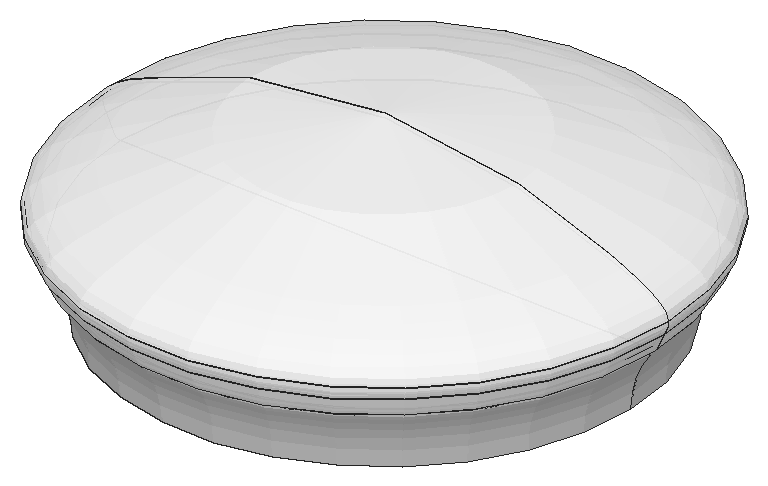
Revit family "0043406", category Lighting Devices, host Face, Revit 2023
Family settings
  Host = Face
  Round Connector Dimension = Use Diameter
  Part Type = Normal
  OmniClass Number = 23.80.70.00
  OmniClass Title = Lighting
  Cut with Voids When Loaded = No
  Maintain Annotation Orientation = No
  Shared = No
  Room Calculation Point = No
Parameters (values of type "START SURFACE IP54 MW 500-2000 830/840")
  Weight = "0.6 kg"
  Wattage Comments = ""
  WarrantyStartDate [instance] = "n/a"
  WarrantyGuarantorParts = "n/a"
  WarrantyDurationUnit = "Years"
  WarrantyDurationParts = "5"
  WarrantyDescription = "http://www.sylvania-group.com"
  Voltage = 230 V
  URL = "http://www.sylvania-group.com"
  TypeName = "START Surface IP54 - 300mm"
  Type Image = <None>
  Type IFC Predefined Type = "IfcLightFixtureType"
  Type Comments = "n/a"
  SerialNumber [instance] = "n/a"
  Material_3_SYL = none
  PowerFactor = 0.8
  PowerConsumption = "17.5 W"
  NominalLength = NominalDepth  # 300 mm
  NominalHeight = if(NominalDepth = 300 mm, 94 mm, 105 mm)  # 94 mm
  NominalDepth = 300 mm
  Name = "START SURFACE IP54 MW 500-2000 830/840"
  ModelReference = Name  # "START SURFACE IP54 MW 500-2000 830/840"
  ModelNumber = "0043406"
  Model = Name  # "START SURFACE IP54 MW 500-2000 830/840"
  Material = "Polycarbonate"
  ManufacturerName = Manufacturer  # "Feilo Sylvania"
  Manufacturer = "Feilo Sylvania"
  LuminousEfficacy = "114 lm/W"
  LuminaireType = "Ceiling / surface mounting"
  LightSettingControl [instance] = if(LightSetting < 1, 1, if(LightSetting > 8, 8, LightSetting))  # 1
  Light8_4000K_17.5W [instance] = (LightSettingControl = 8)  # no
  Light7_4000K_13.5W [instance] = (LightSettingControl = 7)  # no
  Light6_4000K_9.3W [instance] = (LightSettingControl = 6)  # no
  Light5_4000K_6W [instance] = (LightSettingControl = 5)  # no
  Light4_3000K_17.5W [instance] = (LightSettingControl = 4)  # no
  Light3_3000K_13.5W [instance] = (LightSettingControl = 3)  # no
  Light2_3000K_9.3W [instance] = (LightSettingControl = 2)  # no
  Light1_3000K_6W [instance] = (LightSettingControl = 1)  # yes
  LightSetting [instance] = 1
  LightOutputRatio = ""
  LampsType = Lamp  # "LED"
  LampNominalLuminous = "2000 lm"
  LampMacAdamStep = "6"
  LampColourTemperature = "3000/4000K"
  LampColourRenderingIndex = "80"
  Lamp = "LED"
  Keynote = "16500"
  InstallationDate [instance] = "n/a"
  InputVoltage = "220-240 V"
  InputNominalFrequency = "50/60Hz"
  IngressProtection = "IP54"
  ImpactProtectionIndex = "IK03"
  IfcExportType = "IfcLightFixtureType"
  IfcExportAs = "IfcLightFixtureType"
  Export Type to IFC As = "IfcLightFixtureType"
  ElectricShockClassification = "Class II"
  DocumentationLiterature = "https://www.sylvania-lighting.com/product/en-int/products/0043406/"
  DimmingControlOptions = "n/a"
  Material_2_SYL = PMMA Acrylic_Opal_4000K
  DiffuserRadius = if(NominalDepth = 300 mm, 150 mm, 200 mm)  # 150 mm
  Description = "Ceiling / wall luminaire with integrated LED. Perfect solution for hallways, circulation spaces or foyers. Body Size diameter 300mm. Besa mounting box compatible, hole distance 51 & 78mm. DualTone functionality enables switch between 3000K and 4000K colour temperatures. With the help of DIP Switch multiple lumen outputs can be set up in 4 steps (4000K: 6W 500lm, 9.3W 1000lm, 13.5W 1500lm, 17.5W 2000lm). Efficacy up to 114lm/W. Supplied with integrated Microwave sensor for automatic on-off presence control. Non-dimmable. IK03, IP54. Low maintenance with lifespan 120,000 hours L70:B50."
  Default Elevation = 1219.2 mm
  CreatedOn = "27/08/2024"
  CreatedBy = "petra.pavlicz@sylvania-lighting.com"
  Cost = 0
  Coefficient of Utilization [instance] = 0
  ClassificationValue = "EF_70_80"
  ClassificationName = "Uniclass2015"
  Material_1_SYL = PC Polycarbonate_RAL 9003_Signal white
  BottomRadius = if(NominalDepth = 300 mm, 130 mm, 172 mm)  # 130 mm
  BodyRadius = if(NominalDepth = 300 mm, 140 mm, 186 mm)  # 140 mm
  BodyHeight = if(NominalDepth = 300 mm, 30 mm, 39.5 mm)  # 30 mm
  BarCode [instance] = "n/a"
  AssetType = "Fixed"
  AssetIdentifier [instance] = "n/a"
  Assembly Code = "D5020200"
  Material_4_SYL = none
  Apparent Load = 21.9 VA
Reference planes
  plane 1 "Center (Front/Back)": y = 0
  plane 2: z = 0
  plane 3 "Center (Left/Right)": x = 0
  plane 4: y = 150
  plane 5: y = -150
  plane 6: x = -150
  plane 7: x = 150
  plane 8 "Top": z = 94
  plane 9 "Body height": z = 30
  plane 10 "Bottom width": x = -130
  plane 11 "Body width": x = -140
  plane 12 "Void": z = 11
Forms (mm)
  Extrusion 1, solid, material "PMMA Acrylic_Opal_4000K" <- "Material_2_SYL", detail levels coarse
    sketch origin (0, 0, 0) x (1, 0, 0) y (0, 1, 0)
      loop
        circle (0, 0) r 150
    from 0 to 94
  Revolve 2, solid, material "PC Polycarbonate_RAL 9003_Signal white" <- "Material_1_SYL", detail levels medium+fine
    sketch origin (0, 0, 0) x (1, 0, 0) y (0, 0, 1)
      loop
        line (-130, 0) -> (0, 0) -> (0, 30) -> (-140, 30)
        spline (-140, 30) -> (-140.096, 29.28) -> (-139.766, 28.341) -> (-139.087, 27.151) -> (-138.135, 25.68) -> (-136.989, 23.896) -> (-135.725, 21.767) -> (-134.421, 19.262) -> (-133.154, 16.35) -> (-132.001, 12.999) -> (-131.04, 9.178) -> (-130.347, 4.856) -> (-130, 0)
      axis (0, 30) -> (0, 0)
    angle from 0 to 360
  Revolve 3, solid, material "PMMA Acrylic_Opal_4000K" <- "Material_2_SYL", detail levels medium+fine
    sketch origin (0, 0, 0) x (1, 0, 0) y (0, 0, 1)
      loop
        line (-140, 30) -> (0, 30) -> (0, 31.982) -> (-138.865, 31.982)
        spline (-138.865, 31.982) -> (-139.46, 32.068) -> (-139.993, 32.228) -> (-140.485, 32.484) -> (-140.957, 32.859) -> (-141.427, 33.375) -> (-141.917, 34.053) -> (-142.446, 34.916) -> (-143.035, 35.985) -> (-143.703, 37.282) -> (-144.472, 38.83) -> (-145.361, 40.65) -> (-146.391, 42.764)
        spline (-146.391, 42.764) -> (-146.658, 43.166) -> (-146.904, 43.576) -> (-147.128, 43.993) -> (-147.33, 44.418) -> (-147.511, 44.849) -> (-147.669, 45.288) -> (-147.805, 45.735) -> (-147.92, 46.188) -> (-148.012, 46.649) -> (-148.083, 47.117) -> (-148.132, 47.593) -> (-148.158, 48.075)
        spline (-148.158, 48.075) -> (-146.622, 52.076) -> (-142.283, 55.894) -> (-135.551, 59.689) -> (-126.831, 63.622) -> (-116.532, 67.853) -> (-104.921, 72.433) -> (-91.899, 77.119) -> (-77.305, 81.621) -> (-60.979, 85.648) -> (-42.76, 88.911) -> (-22.487, 91.119) -> (0, 91.982)
        line (0, 91.982) -> (0, 94)
        spline (0, 94) -> (-22.674, 93.214) -> (-43.099, 91.049) -> (-61.45, 87.793) -> (-77.901, 83.737) -> (-92.625, 79.168) -> (-105.795, 74.375) -> (-117.586, 69.649) -> (-128.097, 65.221) -> (-137.029, 61.024) -> (-143.945, 56.891) -> (-148.414, 52.653) -> (-150, 48.14)
        spline (-150, 48.14) -> (-149.986, 47.542) -> (-149.945, 46.952) -> (-149.877, 46.37) -> (-149.781, 45.797) -> (-149.658, 45.231) -> (-149.507, 44.674) -> (-149.329, 44.124) -> (-149.123, 43.583) -> (-148.891, 43.05) -> (-148.63, 42.525) -> (-148.343, 42.009) -> (-148.028, 41.5)
        spline (-148.028, 41.5) -> (-146.93, 39.245) -> (-145.981, 37.304) -> (-145.161, 35.653) -> (-144.448, 34.269) -> (-143.82, 33.129) -> (-143.256, 32.209) -> (-142.733, 31.486) -> (-142.232, 30.936) -> (-141.729, 30.535) -> (-141.204, 30.262) -> (-140.635, 30.091) -> (-140, 30)
      axis (0, 94) -> (0, 30)
    angle from 360 to 0
  Extrusion 4, void
    sketch origin (0, 0, 0) x (1, 0, 0) y (0, 1, 0)
      loop
        circle (0, 0) r 118.25
    from 0 to 11
Cuts and joins
  Extrusion 4 cuts Revolve 2
Dimensions and locks
  "NominalDepth": plane 4 to plane 5
  equal spacing: plane 4, plane 1 "Center (Front/Back)", plane 5
  "NominalLength": plane 6 to plane 7
  equal spacing: plane 6, plane 3 "Center (Left/Right)", plane 7
  "NominalHeight": plane 8 "Top" to plane 2
  "BottomRadius": plane 3 "Center (Left/Right)" to plane 10 "Bottom width"
  "BodyRadius": plane 3 "Center (Left/Right)" to plane 11 "Body width"
  "BodyHeight": plane 9 "Body height" to plane 2
  "DiffuserRadius": plane 3 "Center (Left/Right)" to plane 6
  locked: plane 12 "Void" to plane 2 at 11
  "NominalDepth": diameter of Extrusion 1 sketch curve
  diameter of Extrusion 4 sketch curve = 236.5 mm
  aligned and locked: plane 2 to host face
  aligned and locked: level to host face
  aligned and locked: Extrusion 1 to plane 2
  aligned and locked: plane 8 "Top" to Extrusion 1
  aligned and locked: Revolve 2 sketch curve to plane 3 "Center (Left/Right)"
  aligned and locked: Revolve 2 to plane 9 "Body height"
  aligned and locked: Revolve 2 to plane 2
  aligned and locked: plane 10 "Bottom width" to Revolve 2 sketch curve
  aligned and locked: plane 11 "Body width" to Revolve 2 sketch curve
  aligned and locked: Revolve 2 sketch curve to plane 2
  aligned and locked: Revolve 2 sketch curve to plane 9 "Body height"
  aligned and locked: plane 6 to Revolve 3 sketch curve
  aligned and locked: Revolve 3 sketch curve to plane 9 "Body height"
  aligned and locked: plane 11 "Body width" to Revolve 3 sketch curve
  aligned and locked: plane 3 "Center (Left/Right)" to Extrusion 4 sketch curve
  aligned and locked: plane 1 "Center (Front/Back)" to Extrusion 4 sketch curve
  aligned and locked: cut or joined group of Revolve 2, Extrusion 4 to plane 2
  aligned and locked: plane 12 "Void" to cut or joined group of Revolve 2, Extrusion 4
  aligned and locked: plane 3 "Center (Left/Right)" to Revolve 3 sketch curve  (x2)
Automatic sketch dimensions
  host sketch curve to host sketch curve = 2438.4 mm  (x2)
  Revolve 2 sketch curve to plane 3 "Center (Left/Right)" = 0 mm
  Revolve 2 sketch curve to level = 609.6 mm
  plane 8 "Top" to Revolve 2 sketch curve = 2515.058 mm
  Revolve 3 sketch curve to plane 3 "Center (Left/Right)" = 0 mm
  Revolve 3 sketch curve to plane 8 "Top" = 0 mm
  plane 6 to Revolve 3 sketch curve = 1.842 mm
  plane 6 to Revolve 3 sketch curve = 1.972 mm
  Revolve 3 sketch curve to Revolve 3 sketch curve = 1.637 mm
  plane 11 "Body width" to Revolve 3 sketch curve = 1.135 mm
  Revolve 3 sketch curve to Revolve 3 sketch curve = 1.982 mm
  plane 9 "Body height" to Revolve 3 sketch curve = 11.5 mm
  Revolve 3 sketch curve to Revolve 3 sketch curve = 1.264 mm
  Revolve 3 sketch curve to Revolve 3 sketch curve = 5.312 mm
  Revolve 3 sketch curve to Revolve 3 sketch curve = 0.065 mm
  Revolve 3 sketch curve to level = 609.6 mm
  Revolve 3 sketch curve to plane 8 "Top" = 2.018 mm
  Revolve 3 sketch curve to Revolve 3 sketch curve = 2515.058 mm
  plane 1 "Center (Front/Back)" to Extrusion 1 sketch curve = 0 mm
  Extrusion 1 sketch curve to plane 3 "Center (Left/Right)" = 0 mm
Nested families
  nested 1: "0043406_3000K_6W_lightsource" at (0, 0, 94), visible <- "Light1_3000K_6W", type "START SURFACE IP54 MW 500-2000 830/840 lightsource"
    with built-in parameter 1114216 (empty or 0)
  nested 2: "0043406_3000K_9.3W_lightsource" at (0, 0, 94) x (-1, 0, 0) z (0, 0, 1), visible <- "Light2_3000K_9.3W", type "START SURFACE IP54 MW 500-2000 830/840 lightsource"
    with built-in parameter 1114216 (empty or 0)
  nested 3: "0043406_3000K_13.5W_lightsource" at (0, 0, 94) x (-1, 0, 0) z (0, 0, 1), visible <- "Light3_3000K_13.5W", type "START SURFACE IP54 MW 500-2000 830/840 lightsource"
    with built-in parameter 1114216 (empty or 0)
  nested 4: "0043406_3000K_17.5W_lightsource" at (0, 0, 94) x (-1, 0, 0) z (0, 0, 1), visible <- "Light4_3000K_17.5W", type "START SURFACE IP54 MW 500-2000 830/840 lightsource"
    with built-in parameter 1114216 (empty or 0)
  nested 5: "0043406_4000K_6W_lightsource" at (0, 0, 94) x (-1, 0, 0) z (0, 0, 1), visible <- "Light5_4000K_6W", type "START SURFACE IP54 MW 500-2000 830/840 lightsource"
    with built-in parameter 1114216 (empty or 0)
  nested 6: "0043406_4000K_9.3W_lightsource" at (0, 0, 94) x (-1, 0, 0) z (0, 0, 1), visible <- "Light6_4000K_9.3W", type "START SURFACE IP54 MW 500-2000 830/840 lightsource"
    with built-in parameter 1114216 (empty or 0)
  nested 7: "0043406_4000K_13.5W_lightsource" at (0, 0, 94) x (-1, 0, 0) z (0, 0, 1), visible <- "Light7_4000K_13.5W", type "START SURFACE IP54 MW 500-2000 830/840 lightsource"
    with built-in parameter 1114216 (empty or 0)
  nested 8: "0043406_4000K_17.5W_lightsource" at (0, 0, 94) x (-1, 0, 0) z (0, 0, 1), visible <- "Light8_4000K_17.5W", type "START SURFACE IP54 MW 500-2000 830/840 lightsource"
    with built-in parameter 1114216 (empty or 0)
Connectors
  electrical at (0, 0, 0), driven by "Apparent Load", driven by "PowerFactor", driven by "Voltage"
    settings: index 1, voltage 230 V, apparent load 21.9 VA, apparent load phase1 0 VA, apparent load phase2 0 VA, apparent load phase3 0 VA, power factor 0.8, load classification "Lighting", number of poles 1, system type 30, power factor state 1, is connector primary yes, connector utility no, sub classification motor no, connector description ""
Definition of nested family "0043406_3000K_6W_lightsource"
  Parameters (values of type "START SURFACE IP54 MW 500-2000 830/840 lightsource")
    Wattage Comments = "n/a"
    Wattage = 6 W
    built-in parameter 1150110 = 1 (stored number, unit not read)
    URL = "http://www.sylvania-lighting.com"
    Type Image = (empty or 0)
    Type Comments = "n/a"
    built-in parameter 1114217 = 1 (stored number, unit not read)
    Tilt Angle = -90.00°
    built-in parameter 1150109 = 1 (stored number, unit not read)
    built-in parameter 1150134 = (empty or 0)
    built-in parameter 1150113 = 1 (stored number, unit not read)
    Photometric Web File = "0043406_3000K_6W.IES"
    built-in parameter 1150142 = "IESNA:LM-63-2002\r\n[TEST] 20231108001M-01\r\n[TESTLAB] \r\n[TESTDATE] 8 Nov 2023\r\n[ISSUEDATE] 8 Nov 2023\r\n[MANUFAC] SYLVANIA\r\n[LUMCAT] 0043406\r\n[LUMINAIRE] START Surface IP44 Multip MW 2000lm 830 840-3000K 4µµ\r\n[FLASHAREA] 0.017100\r\n[LAMPCAT] LED\r\n[LAMP] LED\r\nTILT=NONE\r\n1 460.00 1.0 181 3 1 2 -0.300 -0.300 0.000\r\n1.00 1.00 6.00\r\n0.00 1.00 2.00 3.00 4.00 5.00 6.00 7.00 8.00 9.00 10.00 \r\n11.00 12.00 13.00 14.00 15.00 16.00 17.00 18.00 19.00 \r\n20.00 21.00 22.00 23.00 24.00 25.00 26.00 27.00 28.00 \r\n29.00 30.00 31.00 32.00 33.00 34.00 35.00 36.00 37.00 \r\n38.00 39.00 40.00 41.00 42.00 43.00 44.00 45.00 46.00 \r\n47.00 48.00 49.00 50.00 51.00 52.00 53.00 54.00 55.00 \r\n56.00 57.00 58.00 59.00 60.00 61.00 62.00 63.00 64.00 \r\n65.00 66.00 67.00 68.00 69.00 70.00 71.00 72.00 73.00 \r\n74.00 75.00 76.00 77.00 78.00 79.00 80.00 81.00 82.00 \r\n83.00 84.00 85.00 86.00 87.00 88.00 89.00 90.00 91.00 \r\n92.00 93.00 94.00 95.00 96.00 97.00 98.00 99.00 100.00 \r\n101.00 102.00 103.00 104.00 105.00 106.00 107.00 108.00 \r\n109.00 110.00 111.00 112.00 113.00 114.00 115.00 116.00 \r\n117.00 118.00 119.00 120.00 121.00 122.00 123.00 124.00 \r\n125.00 126.00 127.00 128.00 129.00 130.00 131.00 132.00 \r\n133.00 134.00 135.00 136.00 137.00 138.00 139.00 140.00 \r\n141.00 142.00 143.00 144.00 145.00 146.00 147.00 148.00 \r\n149.00 150.00 151.00 152.00 153.00 154.00 155.00 156.00 \r\n157.00 158.00 159.00 160.00 161.00 162.00 163.00 164.00 \r\n165.00 166.00 167.00 168.00 169.00 170.00 171.00 172.00 \r\n173.00 174.00 175.00 176.00 177.00 178.00 179.00 180.00 \r\n0.00 45.00 90.00 \r\n124.43 124.43 124.38 124.25 124.11 123.88 123.65 123.42 \r\n123.05 122.73 122.31 121.90 121.49 120.98 120.47 119.88 \r\n119.28 118.63 117.94 117.25 116.47 115.74 114.86 114.03 \r\n113.11 112.19 111.23 110.31 109.30 108.24 107.09 105.98 \r\n104.83 103.64 102.35 101.11 99.82 98.53 97.20 95.77 94.44 \r\n92.97 91.59 90.07 88.60 87.03 85.51 83.95 82.34 80.73 \r\n79.07 77.42 75.76 74.06 72.40 70.66 68.91 67.16 65.37 \r\n63.66 61.87 60.12 58.33 56.58 54.83 53.04 51.34 49.63 \r\n47.93 46.28 44.59 42.96 41.40 39.83 38.29 36.76 35.31 \r\n33.84 32.48 31.06 29.73 28.42 27.18 25.95 24.76 23.65 \r\n22.54 21.50 20.45 19.44 18.48 17.51 16.62 15.78 15.02 \r\n14.29 13.63 12.97 12.37 11.80 11.27 10.78 10.32 9.91 9.55 \r\n9.20 8.88 8.61 8.37 8.15 7.95 7.76 7.61 7.44 7.28 7.14 \r\n6.99 6.85 6.74 6.61 6.50 6.38 6.25 6.14 6.01 5.89 5.75 \r\n5.62 5.50 5.36 5.23 5.11 4.98 4.89 4.79 4.68 4.59 4.47 \r\n4.38 4.24 4.16 4.05 3.95 3.82 3.68 3.53 3.37 3.20 3.04 \r\n2.89 2.76 2.66 2.66 2.66 2.66 2.66 2.66 2.70 2.69 2.69 \r\n2.70 2.72 2.75 2.74 2.74 2.68 2.44 2.07 1.58 1.20 1.04 \r\n1.02 1.04 1.16 1.24 1.27 1.50 1.71 1.94 1.99 2.01 \r\n124.43 124.43 124.38 124.29 124.20 124.02 123.83 123.60 \r\n123.33 123.00 122.68 122.31 121.85 121.44 120.89 120.38 \r\n119.78 119.19 118.54 117.85 117.12 116.38 115.60 114.77 \r\n113.90 112.93 111.96 111.00 109.99 108.93 107.87 106.77 \r\n105.62 104.42 103.22 101.98 100.74 99.45 98.12 96.78 \r\n95.40 94.02 92.60 91.13 89.65 88.14 86.62 85.05 83.49 \r\n81.88 80.27 78.57 76.96 75.30 73.55 71.85 70.10 68.40 \r\n66.61 64.86 63.07 61.27 59.52 57.78 55.98 54.19 52.44 \r\n50.74 49.04 47.33 45.63 43.97 42.38 40.77 39.19 37.64 \r\n36.17 34.68 33.25 31.86 30.48 29.17 27.88 26.66 25.42 \r\n24.29 23.12 22.05 21.02 20.06 19.10 18.18 17.29 16.45 \r\n15.64 14.89 14.15 13.47 12.84 12.25 11.67 11.15 10.66 \r\n10.21 9.80 9.41 9.06 8.77 8.48 8.24 8.03 7.86 7.69 7.56 \r\n7.43 7.33 7.24 7.17 7.10 7.01 6.87 6.75 6.58 6.44 6.24 \r\n6.06 5.86 5.69 5.51 5.35 5.18 5.02 4.84 4.63 4.38 4.10 \r\n3.83 3.56 3.29 3.04 2.80 2.57 2.39 2.24 2.11 2.00 1.87 \r\n1.75 1.75 1.77 1.79 1.85 1.93 2.05 2.16 2.27 2.31 2.31 \r\n2.27 2.16 2.09 1.94 1.84 1.76 1.68 1.58 1.33 1.28 1.22 \r\n1.17 1.12 1.07 1.01 1.12 1.19 1.23 1.36 1.55 1.93 2.18 \r\n2.17 \r\n124.43 124.43 124.43 124.48 124.34 124.20 124.06 123.83 \r\n123.56 123.28 122.96 122.59 122.18 121.72 121.26 120.70 \r\n120.15 119.55 118.91 118.27 117.53 116.79 116.01 115.18 \r\n114.36 113.44 112.52 111.55 110.58 109.57 108.51 107.36 \r\n106.26 105.11 103.87 102.63 101.38 100.10 98.76 97.43 \r\n96.05 94.67 93.20 91.77 90.30 88.73 87.26 85.70 84.09 \r\n82.48 80.87 79.21 77.51 75.85 74.15 72.40 70.70 68.91 \r\n67.21 65.41 63.62 61.82 60.03 58.28 56.49 54.69 52.95 \r\n51.24 49.50 47.79 46.09 44.45 42.79 41.21 39.62 38.05 \r\n36.56 35.08 33.63 32.25 30.87 29.53 28.23 27.00 25.76 \r\n24.61 23.46 22.36 21.32 20.28 19.29 18.31 17.38 16.52 \r\n15.72 14.96 14.22 13.55 12.90 12.30 11.76 11.22 10.75 \r\n10.28 9.89 9.52 9.17 8.88 8.61 8.37 8.15 7.99 7.83 7.69 \r\n7.57 7.46 7.39 7.29 7.21 7.14 7.06 6.99 6.92 6.84 6.79 \r\n6.72 6.67 6.61 6.56 6.52 6.43 6.34 6.20 6.06 5.88 5.70 \r\n5.48 5.27 5.04 4.83 4.59 4.39 4.23 4.07 3.97 3.84 3.72 \r\n3.59 3.48 3.38 3.26 3.16 3.03 2.88 2.73 2.60 2.45 2.32 \r\n2.15 1.90 1.72 1.55 1.30 1.05 0.86 0.74 0.73 0.95 1.17 \r\n1.22 1.18 0.87 0.95 1.04 1.12 1.21 1.29 1.38 1.78 2.23 \r\n2.28 \r\n"
    Model = "START SURFACE IP54 MW 500-2000 830/840 lightsource"
    Manufacturer = "Feilo Sylvania"
    built-in parameter 1150105 = 185.1 (stored number, unit not read)
    Lumens = 684 lm
    built-in parameter 1150115 = 1 (stored number, unit not read)
    built-in parameter 1150137 = (empty or 0)
    built-in parameter 1150139 = (empty or 0)
    built-in parameter 1150112 = 1 (stored number, unit not read)
    built-in parameter 1150114 = 1 (stored number, unit not read)
    Lamp = "LED"
    Keynote = "16500"
    built-in parameter 1150132 = (empty or 0)
    built-in parameter 1150102 = 114
    built-in parameter 1150107 = 3000 (stored number, unit not read)
    built-in parameter 1150138 = (empty or 0)
    built-in parameter 1150106 = 1.851 (stored number, unit not read)
    Emit from Circle Diameter = 300 mm  # constant formula
    Emit Shape Visible in Rendering = no
    built-in parameter 1150104 = 10.591 (stored number, unit not read)
    Dimming Lamp Color Temperature Shift = (empty or 0)
    Description = ""
    Default Elevation = 1219.2 mm
    Cost = 0
    Color Filter = 16777215
    built-in parameter 1114216 [instance] = (empty or 0)
    built-in parameter 1114218 = 1 (stored number, unit not read)
    built-in parameter 1150133 = 10 (stored number, unit not read)
    Assembly Code = "D5020200"
    Apparent Load = 0 VA
  Reference planes
    plane 1 "Center (Front/Back)": y = 0
    plane 2: z = 0
    plane 3 "Center (Left/Right)": x = 0
  Forms (mm)
    Extrusion 1, solid
      sketch origin (4.2, 0, 0) x (1, 0, 0) y (0, 1, 0)
        loop
          line (-1219.2, 1219.2) -> (-1219.2, -1219.2) -> (1219.2, -1219.2) -> (1219.2, 1219.2) -> (-1219.2, 1219.2)
      from 0 to -68.017
  Dimensions and locks
    aligned and locked: plane 2 to Extrusion 1
    aligned and locked: level to Extrusion 1
Definition of nested family "0043406_3000K_9.3W_lightsource"
  Parameters (values of type "START SURFACE IP54 MW 500-2000 830/840 lightsource")
    Wattage Comments = "n/a"
    Wattage = 9.3 W
    built-in parameter 1150110 = 1 (stored number, unit not read)
    URL = "http://www.sylvania-lighting.com"
    Type Image = (empty or 0)
    Type Comments = "n/a"
    built-in parameter 1114217 = 1 (stored number, unit not read)
    Tilt Angle = -90.00°
    built-in parameter 1150109 = 1 (stored number, unit not read)
    built-in parameter 1150134 = (empty or 0)
    built-in parameter 1150113 = 1 (stored number, unit not read)
    Photometric Web File = "0043406_3000K_9.3W.IES"
    built-in parameter 1150142 = "IESNA:LM-63-2002\r\n[TEST] 20231108001M-01\r\n[TESTLAB] \r\n[TESTDATE] 8 Nov 2023\r\n[ISSUEDATE] 8 Nov 2023\r\n[MANUFAC] SYLVANIA\r\n[LUMCAT] 0043406\r\n[LUMINAIRE] START Surface IP44 Multip MW 2000lm 830 840-3000K 3µµ\r\n[FLASHAREA] 0.017100\r\n[LAMPCAT] LED\r\n[LAMP] LED\r\nTILT=NONE\r\n1 930.00 1.0 181 3 1 2 -0.300 -0.300 0.000\r\n1.00 1.00 9.30\r\n0.00 1.00 2.00 3.00 4.00 5.00 6.00 7.00 8.00 9.00 10.00 \r\n11.00 12.00 13.00 14.00 15.00 16.00 17.00 18.00 19.00 \r\n20.00 21.00 22.00 23.00 24.00 25.00 26.00 27.00 28.00 \r\n29.00 30.00 31.00 32.00 33.00 34.00 35.00 36.00 37.00 \r\n38.00 39.00 40.00 41.00 42.00 43.00 44.00 45.00 46.00 \r\n47.00 48.00 49.00 50.00 51.00 52.00 53.00 54.00 55.00 \r\n56.00 57.00 58.00 59.00 60.00 61.00 62.00 63.00 64.00 \r\n65.00 66.00 67.00 68.00 69.00 70.00 71.00 72.00 73.00 \r\n74.00 75.00 76.00 77.00 78.00 79.00 80.00 81.00 82.00 \r\n83.00 84.00 85.00 86.00 87.00 88.00 89.00 90.00 91.00 \r\n92.00 93.00 94.00 95.00 96.00 97.00 98.00 99.00 100.00 \r\n101.00 102.00 103.00 104.00 105.00 106.00 107.00 108.00 \r\n109.00 110.00 111.00 112.00 113.00 114.00 115.00 116.00 \r\n117.00 118.00 119.00 120.00 121.00 122.00 123.00 124.00 \r\n125.00 126.00 127.00 128.00 129.00 130.00 131.00 132.00 \r\n133.00 134.00 135.00 136.00 137.00 138.00 139.00 140.00 \r\n141.00 142.00 143.00 144.00 145.00 146.00 147.00 148.00 \r\n149.00 150.00 151.00 152.00 153.00 154.00 155.00 156.00 \r\n157.00 158.00 159.00 160.00 161.00 162.00 163.00 164.00 \r\n165.00 166.00 167.00 168.00 169.00 170.00 171.00 172.00 \r\n173.00 174.00 175.00 176.00 177.00 178.00 179.00 180.00 \r\n0.00 45.00 90.00 \r\n250.91 250.91 250.73 250.45 250.17 249.80 249.33 248.78 \r\n248.22 247.47 246.73 245.89 244.96 243.94 243.01 241.89 \r\n240.59 239.29 237.99 236.50 235.01 233.43 231.76 230.08 \r\n228.22 226.36 224.41 222.46 220.41 218.18 215.95 213.71 \r\n211.30 208.97 206.46 203.95 201.34 198.74 196.04 193.25 \r\n190.46 187.58 184.70 181.72 178.75 175.68 172.61 169.45 \r\n166.19 163.03 159.68 156.33 152.99 149.54 146.10 142.66 \r\n139.13 135.59 132.06 128.53 124.90 121.37 117.83 114.30 \r\n110.76 107.23 103.79 100.25 96.91 93.56 90.13 86.95 83.69 \r\n80.56 77.43 74.41 71.41 68.39 65.56 62.78 60.08 57.47 \r\n54.94 52.44 50.11 47.83 45.63 43.49 41.43 39.39 37.44 \r\n35.53 33.79 32.15 30.58 29.13 27.72 26.42 25.18 24.05 \r\n22.99 21.98 20.99 20.15 19.39 18.71 18.10 17.55 17.04 \r\n16.60 16.19 15.83 15.48 15.15 14.84 14.55 14.27 14.02 \r\n13.75 13.50 13.27 13.02 12.79 12.55 12.30 12.04 11.79 \r\n11.54 11.26 11.01 10.74 10.48 10.25 10.05 9.87 9.66 9.44 \r\n9.23 9.01 8.80 8.59 8.37 8.17 7.92 7.63 7.32 6.99 6.64 \r\n6.33 6.02 5.75 5.54 5.43 5.43 5.52 5.60 5.64 5.69 5.70 \r\n5.64 5.68 5.77 5.81 5.81 5.79 5.59 5.11 4.36 3.39 2.63 \r\n2.30 2.25 2.41 2.60 2.76 2.82 3.30 3.74 4.12 4.28 4.35 \r\n250.91 250.91 250.82 250.73 250.45 250.17 249.80 249.33 \r\n248.78 248.12 247.38 246.64 245.71 244.78 243.75 242.64 \r\n241.52 240.31 239.01 237.62 236.22 234.64 233.06 231.38 \r\n229.62 227.76 225.90 223.85 221.81 219.76 217.53 215.30 \r\n212.97 210.65 208.23 205.81 203.30 200.69 198.00 195.30 \r\n192.51 189.72 186.84 183.86 180.79 177.82 174.65 171.49 \r\n168.33 165.26 161.91 158.56 155.22 151.87 148.43 144.99 \r\n141.45 137.92 134.39 130.85 127.32 123.69 120.16 116.53 \r\n113.00 109.46 105.93 102.39 98.95 95.51 92.14 88.83 85.58 \r\n82.32 79.22 76.18 73.18 70.23 67.35 64.53 61.78 59.13 \r\n56.49 54.01 51.57 49.27 46.96 44.76 42.71 40.73 38.77 \r\n36.89 35.10 33.40 31.77 30.22 28.75 27.39 26.10 24.85 \r\n23.77 22.77 21.82 20.90 20.07 19.30 18.62 18.00 17.45 \r\n16.96 16.54 16.17 15.83 15.55 15.32 15.11 14.95 14.77 \r\n14.62 14.42 14.19 13.91 13.62 13.31 12.95 12.57 12.18 \r\n11.83 11.49 11.17 10.83 10.50 10.14 9.71 9.17 8.62 8.10 \r\n7.56 7.03 6.50 6.01 5.55 5.19 4.88 4.60 4.36 4.08 3.87 \r\n3.76 3.77 3.84 3.95 4.08 4.32 4.53 4.75 4.97 4.99 4.89 \r\n4.69 4.54 4.25 4.02 3.88 3.66 3.47 3.01 2.42 2.38 2.35 \r\n2.31 2.28 2.24 2.43 2.56 2.64 2.89 3.25 4.01 4.58 4.60 \r\n250.91 251.01 251.01 250.82 250.64 250.36 249.98 249.61 \r\n249.05 248.50 247.84 247.10 246.26 245.33 244.40 243.38 \r\n242.36 241.15 239.85 238.55 237.06 235.57 233.99 232.31 \r\n230.55 228.69 226.92 224.97 223.01 220.97 218.74 216.50 \r\n214.27 211.85 209.34 206.83 204.41 201.81 199.21 196.42 \r\n193.63 190.84 187.95 185.07 182.09 179.12 176.05 172.89 \r\n169.73 166.38 163.22 159.87 156.43 153.08 149.54 146.10 \r\n142.57 139.13 135.50 131.97 128.34 124.71 121.18 117.65 \r\n114.02 110.48 106.86 103.42 99.98 96.53 93.09 89.76 86.46 \r\n83.24 80.06 76.95 73.92 70.88 67.97 65.12 62.35 59.63 \r\n57.05 54.54 52.05 49.74 47.40 45.25 43.10 41.05 39.02 \r\n37.05 35.28 33.60 31.99 30.46 29.00 27.61 26.32 25.13 \r\n23.98 22.95 21.96 20.99 20.16 19.42 18.74 18.13 17.61 \r\n17.14 16.68 16.31 16.00 15.74 15.49 15.25 15.12 14.94 \r\n14.78 14.61 14.46 14.32 14.17 14.05 13.92 13.81 13.69 \r\n13.58 13.47 13.38 13.24 13.05 12.78 12.49 12.15 11.76 \r\n11.34 10.91 10.45 10.01 9.56 9.14 8.79 8.51 8.28 8.01 \r\n7.77 7.52 7.30 7.09 6.85 6.61 6.35 6.07 5.77 5.47 5.19 \r\n4.90 4.56 4.07 3.72 3.36 2.87 2.39 1.99 1.73 1.81 2.22 \r\n2.65 2.78 2.58 1.97 1.87 1.86 1.86 1.89 2.55 3.06 3.86 \r\n4.72 4.88 \r\n"
    Model = "START SURFACE IP54 MW 500-2000 830/840 lightsource"
    Manufacturer = "Feilo Sylvania"
    built-in parameter 1150105 = 286.15 (stored number, unit not read)
    Lumens = 1060.2 lm
    built-in parameter 1150115 = 1 (stored number, unit not read)
    built-in parameter 1150137 = (empty or 0)
    built-in parameter 1150139 = (empty or 0)
    built-in parameter 1150112 = 1 (stored number, unit not read)
    built-in parameter 1150114 = 1 (stored number, unit not read)
    Lamp = "LED"
    Keynote = "16500"
    built-in parameter 1150132 = (empty or 0)
    built-in parameter 1150102 = 114
    built-in parameter 1150107 = 3000 (stored number, unit not read)
    built-in parameter 1150138 = (empty or 0)
    built-in parameter 1150106 = 2.8615 (stored number, unit not read)
    Emit from Circle Diameter = 300 mm  # constant formula
    Emit Shape Visible in Rendering = no
    built-in parameter 1150104 = 10.591 (stored number, unit not read)
    Dimming Lamp Color Temperature Shift = (empty or 0)
    Description = ""
    Default Elevation = 1219.2 mm
    Cost = 0
    Color Filter = 16777215
    built-in parameter 1114216 [instance] = (empty or 0)
    built-in parameter 1114218 = 1 (stored number, unit not read)
    built-in parameter 1150133 = 10 (stored number, unit not read)
    Assembly Code = "D5020200"
    Apparent Load = 0 VA
  Reference planes
    plane 1 "Center (Front/Back)": y = 0
    plane 2: z = 0
    plane 3 "Center (Left/Right)": x = 0
  Forms (mm)
    Extrusion 1, solid
      sketch origin (4.2, 0, 0) x (1, 0, 0) y (0, 1, 0)
        loop
          line (-1219.2, 1219.2) -> (-1219.2, -1219.2) -> (1219.2, -1219.2) -> (1219.2, 1219.2) -> (-1219.2, 1219.2)
      from 0 to -68.017
  Dimensions and locks
    aligned and locked: plane 2 to Extrusion 1
    aligned and locked: level to Extrusion 1
Definition of nested family "0043406_3000K_13.5W_lightsource"
  Parameters (values of type "START SURFACE IP54 MW 500-2000 830/840 lightsource")
    Wattage Comments = "n/a"
    Wattage = 13.5 W
    built-in parameter 1150110 = 1 (stored number, unit not read)
    URL = "http://www.sylvania-lighting.com"
    Type Image = (empty or 0)
    Type Comments = "n/a"
    built-in parameter 1114217 = 1 (stored number, unit not read)
    Tilt Angle = -90.00°
    built-in parameter 1150109 = 1 (stored number, unit not read)
    built-in parameter 1150134 = (empty or 0)
    built-in parameter 1150113 = 1 (stored number, unit not read)
    Photometric Web File = "0043406_3000K_13.5W.IES"
    built-in parameter 1150142 = "IESNA:LM-63-2002\r\n[TEST] 20231108001M-01\r\n[TESTLAB] \r\n[TESTDATE] 8 Nov 2023\r\n[ISSUEDATE] 8 Nov 2023\r\n[MANUFAC] SYLVANIA\r\n[LUMCAT] 0043406\r\n[LUMINAIRE] START Surface IP44 Multip MW 2000lm 830 840-3000K 2µµ\r\n[FLASHAREA] 0.017100\r\n[LAMPCAT] LED\r\n[LAMP] LED\r\nTILT=NONE\r\n1 1400.00 1.0 181 3 1 2 -0.300 -0.300 0.000\r\n1.00 1.00 13.50\r\n0.00 1.00 2.00 3.00 4.00 5.00 6.00 7.00 8.00 9.00 10.00 \r\n11.00 12.00 13.00 14.00 15.00 16.00 17.00 18.00 19.00 \r\n20.00 21.00 22.00 23.00 24.00 25.00 26.00 27.00 28.00 \r\n29.00 30.00 31.00 32.00 33.00 34.00 35.00 36.00 37.00 \r\n38.00 39.00 40.00 41.00 42.00 43.00 44.00 45.00 46.00 \r\n47.00 48.00 49.00 50.00 51.00 52.00 53.00 54.00 55.00 \r\n56.00 57.00 58.00 59.00 60.00 61.00 62.00 63.00 64.00 \r\n65.00 66.00 67.00 68.00 69.00 70.00 71.00 72.00 73.00 \r\n74.00 75.00 76.00 77.00 78.00 79.00 80.00 81.00 82.00 \r\n83.00 84.00 85.00 86.00 87.00 88.00 89.00 90.00 91.00 \r\n92.00 93.00 94.00 95.00 96.00 97.00 98.00 99.00 100.00 \r\n101.00 102.00 103.00 104.00 105.00 106.00 107.00 108.00 \r\n109.00 110.00 111.00 112.00 113.00 114.00 115.00 116.00 \r\n117.00 118.00 119.00 120.00 121.00 122.00 123.00 124.00 \r\n125.00 126.00 127.00 128.00 129.00 130.00 131.00 132.00 \r\n133.00 134.00 135.00 136.00 137.00 138.00 139.00 140.00 \r\n141.00 142.00 143.00 144.00 145.00 146.00 147.00 148.00 \r\n149.00 150.00 151.00 152.00 153.00 154.00 155.00 156.00 \r\n157.00 158.00 159.00 160.00 161.00 162.00 163.00 164.00 \r\n165.00 166.00 167.00 168.00 169.00 170.00 171.00 172.00 \r\n173.00 174.00 175.00 176.00 177.00 178.00 179.00 180.00 \r\n0.00 45.00 90.00 \r\n374.36 374.36 374.36 374.08 373.80 373.38 372.68 371.98 \r\n371.28 370.30 369.32 368.20 366.94 365.54 364.14 362.46 \r\n360.78 358.96 357.00 355.04 352.80 350.56 348.18 345.66 \r\n343.14 340.34 337.54 334.60 331.66 328.44 325.22 321.86 \r\n318.36 314.86 311.22 307.58 303.66 299.88 295.82 291.76 \r\n287.56 283.50 279.16 274.68 270.20 265.72 261.10 256.48 \r\n251.72 246.82 241.92 237.02 231.98 226.94 221.76 216.58 \r\n211.40 206.08 200.76 195.44 190.12 184.80 179.48 174.16 \r\n168.84 163.52 158.20 153.02 147.98 142.94 137.80 132.89 \r\n128.02 123.24 118.48 113.83 109.30 104.92 100.63 96.33 \r\n92.26 88.27 84.39 80.58 76.85 73.37 70.00 66.72 63.59 \r\n60.55 57.58 54.70 52.02 49.53 47.15 44.90 42.78 40.74 \r\n38.86 37.00 35.36 33.84 32.42 31.15 29.97 28.88 27.89 \r\n26.98 26.15 25.47 24.82 24.23 23.69 23.18 22.71 22.27 \r\n21.84 21.42 21.03 20.65 20.27 19.91 19.54 19.18 18.80 \r\n18.45 18.06 17.68 17.30 16.91 16.52 16.16 15.81 15.50 \r\n15.19 14.88 14.55 14.22 13.89 13.54 13.20 12.88 12.57 \r\n12.16 11.72 11.25 10.77 10.27 9.81 9.36 8.95 8.67 8.49 \r\n8.47 8.62 8.68 8.76 8.77 8.76 8.73 8.82 8.96 9.07 9.09 \r\n9.04 8.73 8.08 6.99 5.48 4.16 3.51 3.37 3.46 3.77 3.94 \r\n4.01 4.81 5.56 6.21 6.44 6.57 \r\n374.36 374.36 374.22 374.08 373.80 373.38 372.96 372.26 \r\n371.56 370.58 369.60 368.48 367.36 365.96 364.56 363.02 \r\n361.34 359.52 357.56 355.46 353.36 351.12 348.88 346.36 \r\n343.84 341.04 338.38 335.30 332.36 329.28 326.06 322.70 \r\n319.34 315.84 312.20 308.56 304.78 300.86 296.80 292.74 \r\n288.68 284.62 280.28 275.94 271.60 267.12 262.36 257.74 \r\n252.98 248.22 243.32 238.28 233.38 228.34 223.16 217.98 \r\n212.80 207.62 202.30 196.98 191.66 186.20 181.02 175.56 \r\n170.24 164.92 159.60 154.42 149.24 144.06 139.01 134.01 \r\n129.14 124.33 119.63 114.98 110.43 105.99 101.70 97.45 \r\n93.31 89.29 85.43 81.66 78.01 74.54 71.04 67.80 64.61 \r\n61.53 58.65 55.89 53.21 50.62 48.23 45.89 43.68 41.62 \r\n39.73 37.93 36.22 34.62 33.14 31.77 30.52 29.37 28.42 \r\n27.51 26.67 25.94 25.27 24.70 24.22 23.79 23.44 23.14 \r\n22.88 22.67 22.44 22.15 21.80 21.41 20.97 20.48 19.96 \r\n19.39 18.80 18.27 17.75 17.25 16.74 16.25 15.68 15.01 \r\n14.20 13.39 12.60 11.82 11.04 10.27 9.56 8.91 8.37 7.88 \r\n7.44 7.00 6.54 6.20 5.96 5.96 6.08 6.21 6.41 6.69 6.98 \r\n7.28 7.66 7.79 7.73 7.46 7.25 6.86 6.48 6.19 5.77 5.42 \r\n4.64 3.70 3.62 3.53 3.45 3.36 3.27 3.51 3.65 3.69 4.10 \r\n4.65 5.77 6.87 7.06 \r\n374.36 374.36 374.36 374.22 373.94 373.38 372.82 372.26 \r\n371.42 370.58 369.60 368.48 367.22 365.96 364.42 362.88 \r\n361.20 359.38 357.56 355.60 353.36 351.12 348.74 346.36 \r\n343.70 341.04 338.24 335.44 332.36 329.28 326.06 322.70 \r\n319.20 315.70 312.06 308.42 304.64 300.86 296.94 292.74 \r\n288.68 284.34 280.14 275.80 271.32 266.84 262.22 257.60 \r\n252.84 248.08 243.18 238.28 233.24 228.06 223.02 217.84 \r\n212.66 207.34 201.88 196.70 191.38 186.06 180.74 175.28 \r\n170.10 164.64 159.32 154.14 148.96 143.92 138.84 133.87 \r\n128.97 124.17 119.38 114.70 110.12 105.70 101.42 97.22 \r\n93.10 89.07 85.25 81.41 77.67 74.16 70.80 67.48 64.34 \r\n61.29 58.31 55.47 52.85 50.32 47.92 45.64 43.48 41.44 \r\n39.52 37.69 35.97 34.44 33.00 31.68 30.48 29.39 28.38 \r\n27.44 26.61 25.90 25.24 24.72 24.26 23.88 23.53 23.23 \r\n22.99 22.71 22.47 22.26 22.05 21.85 21.62 21.45 21.28 \r\n21.11 20.94 20.79 20.62 20.50 20.29 20.05 19.67 19.25 \r\n18.76 18.17 17.57 16.93 16.25 15.55 14.87 14.21 13.67 \r\n13.19 12.82 12.43 12.06 11.68 11.34 11.03 10.63 10.31 \r\n9.93 9.49 9.03 8.57 8.10 7.65 7.19 6.52 6.02 5.49 4.76 \r\n3.98 3.30 2.81 2.90 3.48 4.12 4.33 3.98 3.09 3.24 3.39 \r\n3.55 3.70 3.86 4.59 5.77 7.19 7.54 \r\n"
    Model = "START SURFACE IP54 MW 500-2000 830/840 lightsource"
    Manufacturer = "Feilo Sylvania"
    built-in parameter 1150105 = 411.53 (stored number, unit not read)
    Lumens = 1539 lm
    built-in parameter 1150115 = 1 (stored number, unit not read)
    built-in parameter 1150137 = (empty or 0)
    built-in parameter 1150139 = (empty or 0)
    built-in parameter 1150112 = 1 (stored number, unit not read)
    built-in parameter 1150114 = 1 (stored number, unit not read)
    Lamp = "LED"
    Keynote = "16500"
    built-in parameter 1150132 = (empty or 0)
    built-in parameter 1150102 = 114
    built-in parameter 1150107 = 3000 (stored number, unit not read)
    built-in parameter 1150138 = (empty or 0)
    built-in parameter 1150106 = 4.1153 (stored number, unit not read)
    Emit from Circle Diameter = 300 mm  # constant formula
    Emit Shape Visible in Rendering = no
    built-in parameter 1150104 = 10.591 (stored number, unit not read)
    Dimming Lamp Color Temperature Shift = (empty or 0)
